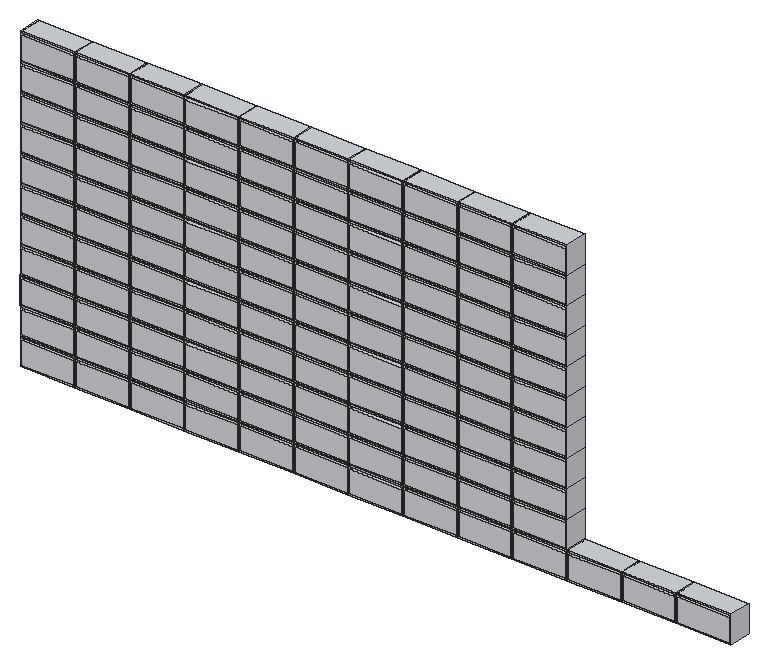
Revit family "АВЛН_Почтовые ящики", category Мебель, Revit 2019
Family settings
  Основа = Стена
  Всегда вертикально = Да
  При загрузке вырезать с полостями = Нет
  Общий = Нет
  Точка расчета площади = Нет
Parameters (values of type "Ящики почтовые")
  Ящик_ширина = 300 mm
  Ящик_глубина = 120 mm
  Ящик_высота = 150 mm  # constant formula
  Количество ячеек по длинне [instance] = 10
  Количество ячеек по высоте [instance] = 10
  Высота от уровня пола [instance] = 721.593 mm
  Второй ряд = yes
  1 Ряд_9 [instance] = yes
  1 Ряд_8 [instance] = yes
  1 Ряд_7 [instance] = yes
  1 Ряд_6 [instance] = yes
  1 Ряд_5 [instance] = yes
  1 Ряд_4 [instance] = yes
  1 Ряд_3 [instance] = yes
  1 Ряд_2 [instance] = yes
  1 Ряд_13 [instance] = yes
  1 Ряд_12 [instance] = yes
  1 Ряд_11 [instance] = yes
  1 Ряд_10 [instance] = yes
  1 Ряд_1 [instance] = yes
Reference planes
  plane 1 "Стена": y = 0
  plane 2 "По центру (Влево/Вправо)": x = 125
  plane 3 "Сзади": y = 75
  plane 4: z = 871.593
  plane 5: x = 725
  plane 6: x = 1025
  plane 7: x = 1325
  plane 8: x = 1625
  plane 9: x = 1925
  plane 10: x = 2225
  plane 11: x = 2525
  plane 12: x = 2825
  plane 13: x = 3125
  plane 14: x = 3425
  plane 15: x = 3725
  plane 16: z = 1021.593
  plane 17: z = 721.593
  plane 18: x = 425
Text (mm)
  text "Сторона размещения" at (-1848.837, 1116.779, 0), in view "Опорный уровень"
  text "Сторона размещения" at (0, 1409.804, 2854.306), in view "Слева"
  text "Сторона размещения" at (0, 499.811, 2980.732), in view "Справа"
Dimensions and locks
  locked: plane 3 "Сзади" to host wall
  "Ящик_ширина": plane 5 to plane 6
  "Ящик_ширина": plane 6 to plane 7
  "Ящик_ширина": plane 7 to plane 8
  "Ящик_ширина": plane 8 to plane 9
  "Ящик_ширина": plane 9 to plane 10
  "Ящик_ширина": plane 10 to plane 11
  "Ящик_ширина": plane 11 to plane 12
  "Ящик_ширина": plane 12 to plane 13
  "Ящик_ширина": plane 13 to plane 14
  "Ящик_ширина": plane 14 to plane 15
  "Ящик_высота": plane 4 to plane 16
  "Ящик_высота": plane 17 to plane 4
  "Высота от уровня пола": level to plane 17
  equal spacing: group 2, group 3, group 17, group 18, group 19, group 20, group 21, group 22, group 23, group 24  (x3)
  equal spacing: group 6, group 7, group 9, group 10, group 11, group 12, group 13, group 14, group 15, group 16  (x3)
  equal spacing: group 4, group 8, group 27, group 38, group 49, group 60, group 71, group 82, group 93, group 104  (x3)
  "Ящик_ширина": plane 18 to plane 5
  "Ящик_ширина": plane 18 to plane 2 "По центру (Влево/Вправо)"
  equal spacing: group 25, group 26, group 28, group 29, group 30, group 31, group 32, group 33, group 34, group 35  (x3)
  equal spacing: group 36, group 37, group 39, group 40, group 41, group 42, group 43, group 44, group 45, group 46  (x3)
  equal spacing: group 47, group 48, group 50, group 51, group 52, group 53, group 54, group 55, group 56, group 57  (x3)
  equal spacing: group 58, group 59, group 61, group 62, group 63, group 64, group 65, group 66, group 67, group 68  (x3)
  equal spacing: group 69, group 70, group 72, group 73, group 74, group 75, group 76, group 77, group 78, group 79  (x3)
  equal spacing: group 80, group 81, group 83, group 84, group 85, group 86, group 87, group 88, group 89, group 90  (x3)
  equal spacing: group 91, group 92, group 94, group 95, group 96, group 97, group 98, group 99, group 100, group 101  (x3)
  equal spacing: group 102, group 103, group 105, group 106, group 107, group 108, group 109, group 110, group 111, group 112  (x3)
  aligned and locked: plane 1 "Стена" to host wall
  aligned and locked: plane 2 "По центру (Влево/Вправо)" to nested 1
  aligned and locked: plane 2 "По центру (Влево/Вправо)" to nested 2
  aligned and locked: plane 17 to nested 2
  aligned and locked: plane 17 to nested 3
  aligned and locked: nested 4 to plane 5
  aligned and locked: plane 17 to nested 4
  aligned and locked: plane 17 to nested 5
  aligned and locked: nested 5 to plane 6
  aligned and locked: plane 17 to nested 6
  aligned and locked: nested 6 to plane 7
  aligned and locked: nested 7 to plane 8
  aligned and locked: plane 17 to nested 7
  aligned and locked: nested 8 to plane 9
  aligned and locked: plane 17 to nested 8
  aligned and locked: nested 9 to plane 10
  aligned and locked: plane 17 to nested 9
  aligned and locked: nested 10 to plane 11
  aligned and locked: plane 17 to nested 10
  aligned and locked: nested 11 to plane 12
  aligned and locked: plane 17 to nested 11
  aligned and locked: nested 12 to plane 13
  aligned and locked: plane 17 to nested 12
  aligned and locked: nested 13 to plane 14
  aligned and locked: plane 17 to nested 13
  aligned and locked: plane 17 to nested 14
  aligned and locked: nested 14 to plane 15
  aligned and locked: plane 3 "Сзади" to nested 1
  aligned and locked: plane 3 "Сзади" to nested 9  (x2)
  aligned and locked: plane 3 "Сзади" to nested 3
  aligned and locked: plane 3 "Сзади" to nested 2
  aligned and locked: plane 3 "Сзади" to nested 4
  aligned and locked: plane 3 "Сзади" to nested 5
  aligned and locked: plane 3 "Сзади" to nested 6
  aligned and locked: plane 3 "Сзади" to nested 7
  aligned and locked: plane 3 "Сзади" to nested 8
  aligned and locked: plane 3 "Сзади" to nested 10
  aligned and locked: plane 3 "Сзади" to nested 11
  aligned and locked: plane 3 "Сзади" to nested 12  (x3)
  aligned and locked: plane 3 "Сзади" to nested 13  (x2)
  aligned and locked: plane 3 "Сзади" to nested 14
  aligned and locked: nested 2 to plane 4
  aligned and locked: nested 1 to plane 2 "По центру (Влево/Вправо)"
  aligned and locked: nested 18 to plane 3 "Сзади"
  aligned and locked: nested 19 to plane 3 "Сзади"
  aligned and locked: nested 3 to plane 18
  aligned and locked: nested 18 to plane 18
  aligned and locked: plane 4 to nested 1
  aligned and locked: plane 4 to nested 18
Nested families
  nested 1: "АВЛН_Почтовый ящик" at (125, 75, 871.593), visible <- "Второй ряд", type "АВЛН_Почтовый ящик"
    with Ящик_Длина 300 mm, Ящик_Глубина 120 mm, Ящик_Высота 150 mm, Расстояние до ручки 150 mm
  nested 2: "АВЛН_Почтовый ящик" at (125, 75, 721.593), visible <- "1 Ряд_1", type "АВЛН_Почтовый ящик"
    with Ящик_Длина 300 mm, Ящик_Глубина 120 mm, Ящик_Высота 150 mm, Расстояние до ручки 150 mm
  nested 3: "АВЛН_Почтовый ящик" at (425, 75, 721.593), visible <- "1 Ряд_2", type "АВЛН_Почтовый ящик"
    with Ящик_Длина 300 mm, Ящик_Глубина 120 mm, Ящик_Высота 150 mm, Расстояние до ручки 150 mm
  nested 4: "АВЛН_Почтовый ящик" at (725, 75, 721.593), visible <- "1 Ряд_3", type "АВЛН_Почтовый ящик"
    with Ящик_Длина 300 mm, Ящик_Глубина 120 mm, Ящик_Высота 150 mm, Расстояние до ручки 150 mm
  nested 5: "АВЛН_Почтовый ящик" at (1025, 75, 721.593), visible <- "1 Ряд_4", type "АВЛН_Почтовый ящик"
    with Ящик_Длина 300 mm, Ящик_Глубина 120 mm, Ящик_Высота 150 mm, Расстояние до ручки 150 mm
  nested 6: "АВЛН_Почтовый ящик" at (1325, 75, 721.593), visible <- "1 Ряд_5", type "АВЛН_Почтовый ящик"
    with Ящик_Длина 300 mm, Ящик_Глубина 120 mm, Ящик_Высота 150 mm, Расстояние до ручки 150 mm
  nested 7: "АВЛН_Почтовый ящик" at (1625, 75, 721.593), visible <- "1 Ряд_6", type "АВЛН_Почтовый ящик"
    with Ящик_Длина 300 mm, Ящик_Глубина 120 mm, Ящик_Высота 150 mm, Расстояние до ручки 150 mm
  nested 8: "АВЛН_Почтовый ящик" at (1925, 75, 721.593), visible <- "1 Ряд_7", type "АВЛН_Почтовый ящик"
    with Ящик_Длина 300 mm, Ящик_Глубина 120 mm, Ящик_Высота 150 mm, Расстояние до ручки 150 mm
  nested 9: "АВЛН_Почтовый ящик" at (2225, 75, 721.593), visible <- "1 Ряд_8", type "АВЛН_Почтовый ящик"
    with Ящик_Длина 300 mm, Ящик_Глубина 120 mm, Ящик_Высота 150 mm, Расстояние до ручки 150 mm
  nested 10: "АВЛН_Почтовый ящик" at (2525, 75, 721.593), visible <- "1 Ряд_9", type "АВЛН_Почтовый ящик"
    with Ящик_Длина 300 mm, Ящик_Глубина 120 mm, Ящик_Высота 150 mm, Расстояние до ручки 150 mm
  nested 11: "АВЛН_Почтовый ящик" at (2825, 75, 721.593), visible <- "1 Ряд_10", type "АВЛН_Почтовый ящик"
    with Ящик_Длина 300 mm, Ящик_Глубина 120 mm, Ящик_Высота 150 mm, Расстояние до ручки 150 mm
  nested 12: "АВЛН_Почтовый ящик" at (3125, 75, 721.593), visible <- "1 Ряд_11", type "АВЛН_Почтовый ящик"
    with Ящик_Длина 300 mm, Ящик_Глубина 120 mm, Ящик_Высота 150 mm, Расстояние до ручки 150 mm
  nested 13: "АВЛН_Почтовый ящик" at (3425, 75, 721.593), visible <- "1 Ряд_12", type "АВЛН_Почтовый ящик"
    with Ящик_Длина 300 mm, Ящик_Глубина 120 mm, Ящик_Высота 150 mm, Расстояние до ручки 150 mm
  nested 14: "АВЛН_Почтовый ящик" at (3725, 75, 721.593), visible <- "1 Ряд_13", type "АВЛН_Почтовый ящик"
    with Ящик_Длина 300 mm, Ящик_Глубина 120 mm, Ящик_Высота 150 mm, Расстояние до ручки 150 mm
  nested 15: "АВЛН_Почтовый ящик" at (125, 75, 921.593), type "АВЛН_Почтовый ящик", not visible
    with Ящик_Длина 300 mm, Ящик_Глубина 120 mm, Ящик_Высота 150 mm, Расстояние до ручки 150 mm
  nested 16: "АВЛН_Почтовый ящик" at (125, 75, 1021.593), visible <- "Второй ряд", type "АВЛН_Почтовый ящик"
    with Ящик_Длина 300 mm, Ящик_Глубина 120 mm, Ящик_Высота 150 mm, Расстояние до ручки 150 mm
  nested 17: "АВЛН_Почтовый ящик" at (125, 75, 921.593), visible <- "Второй ряд", type "АВЛН_Почтовый ящик", not visible
    with Ящик_Длина 300 mm, Ящик_Глубина 120 mm, Ящик_Высота 150 mm, Расстояние до ручки 150 mm
  nested 18: "АВЛН_Почтовый ящик" at (425, 75, 871.593), visible <- "Второй ряд", type "АВЛН_Почтовый ящик"
    with Ящик_Длина 300 mm, Ящик_Глубина 120 mm, Ящик_Высота 150 mm, Расстояние до ручки 150 mm
  nested 19: "АВЛН_Почтовый ящик" at (425, 75, 1021.593), visible <- "Второй ряд", type "АВЛН_Почтовый ящик"
    with Ящик_Длина 300 mm, Ящик_Глубина 120 mm, Ящик_Высота 150 mm, Расстояние до ручки 150 mm
  nested 20: "АВЛН_Почтовый ящик" at (425, 75, 1171.593), visible <- "Второй ряд", type "АВЛН_Почтовый ящик"
    with Ящик_Длина 300 mm, Ящик_Глубина 120 mm, Ящик_Высота 150 mm, Расстояние до ручки 150 mm
  nested 21: "АВЛН_Почтовый ящик" at (425, 75, 1321.593), visible <- "Второй ряд", type "АВЛН_Почтовый ящик"
    with Ящик_Длина 300 mm, Ящик_Глубина 120 mm, Ящик_Высота 150 mm, Расстояние до ручки 150 mm
  nested 22: "АВЛН_Почтовый ящик" at (425, 75, 1471.593), visible <- "Второй ряд", type "АВЛН_Почтовый ящик"
    with Ящик_Длина 300 mm, Ящик_Глубина 120 mm, Ящик_Высота 150 mm, Расстояние до ручки 150 mm
  nested 23: "АВЛН_Почтовый ящик" at (425, 75, 1621.593), visible <- "Второй ряд", type "АВЛН_Почтовый ящик"
    with Ящик_Длина 300 mm, Ящик_Глубина 120 mm, Ящик_Высота 150 mm, Расстояние до ручки 150 mm
  nested 24: "АВЛН_Почтовый ящик" at (425, 75, 1771.593), visible <- "Второй ряд", type "АВЛН_Почтовый ящик"
    with Ящик_Длина 300 mm, Ящик_Глубина 120 mm, Ящик_Высота 150 mm, Расстояние до ручки 150 mm
  nested 25: "АВЛН_Почтовый ящик" at (425, 75, 1921.593), visible <- "Второй ряд", type "АВЛН_Почтовый ящик"
    with Ящик_Длина 300 mm, Ящик_Глубина 120 mm, Ящик_Высота 150 mm, Расстояние до ручки 150 mm
  nested 26: "АВЛН_Почтовый ящик" at (425, 75, 2071.593), visible <- "Второй ряд", type "АВЛН_Почтовый ящик"
    with Ящик_Длина 300 mm, Ящик_Глубина 120 mm, Ящик_Высота 150 mm, Расстояние до ручки 150 mm
  nested 27: "АВЛН_Почтовый ящик" at (425, 75, 2221.593), visible <- "Второй ряд", type "АВЛН_Почтовый ящик"
    with Ящик_Длина 300 mm, Ящик_Глубина 120 mm, Ящик_Высота 150 mm, Расстояние до ручки 150 mm
  nested 28: "АВЛН_Почтовый ящик" at (125, 75, 1171.593), visible <- "Второй ряд", type "АВЛН_Почтовый ящик"
    with Ящик_Длина 300 mm, Ящик_Глубина 120 mm, Ящик_Высота 150 mm, Расстояние до ручки 150 mm
  nested 29: "АВЛН_Почтовый ящик" at (125, 75, 1321.593), visible <- "Второй ряд", type "АВЛН_Почтовый ящик"
    with Ящик_Длина 300 mm, Ящик_Глубина 120 mm, Ящик_Высота 150 mm, Расстояние до ручки 150 mm
  nested 30: "АВЛН_Почтовый ящик" at (125, 75, 1471.593), visible <- "Второй ряд", type "АВЛН_Почтовый ящик"
    with Ящик_Длина 300 mm, Ящик_Глубина 120 mm, Ящик_Высота 150 mm, Расстояние до ручки 150 mm
  nested 31: "АВЛН_Почтовый ящик" at (125, 75, 1621.593), visible <- "Второй ряд", type "АВЛН_Почтовый ящик"
    with Ящик_Длина 300 mm, Ящик_Глубина 120 mm, Ящик_Высота 150 mm, Расстояние до ручки 150 mm
  nested 32: "АВЛН_Почтовый ящик" at (125, 75, 1771.593), visible <- "Второй ряд", type "АВЛН_Почтовый ящик"
    with Ящик_Длина 300 mm, Ящик_Глубина 120 mm, Ящик_Высота 150 mm, Расстояние до ручки 150 mm
  nested 33: "АВЛН_Почтовый ящик" at (125, 75, 1921.593), visible <- "Второй ряд", type "АВЛН_Почтовый ящик"
    with Ящик_Длина 300 mm, Ящик_Глубина 120 mm, Ящик_Высота 150 mm, Расстояние до ручки 150 mm
  nested 34: "АВЛН_Почтовый ящик" at (125, 75, 2071.593), visible <- "Второй ряд", type "АВЛН_Почтовый ящик"
    with Ящик_Длина 300 mm, Ящик_Глубина 120 mm, Ящик_Высота 150 mm, Расстояние до ручки 150 mm
  nested 35: "АВЛН_Почтовый ящик" at (125, 75, 2221.593), visible <- "Второй ряд", type "АВЛН_Почтовый ящик"
    with Ящик_Длина 300 mm, Ящик_Глубина 120 mm, Ящик_Высота 150 mm, Расстояние до ручки 150 mm
  nested 36: "АВЛН_Почтовый ящик" at (725, 75, 871.593), visible <- "Второй ряд", type "АВЛН_Почтовый ящик"
    with Ящик_Длина 300 mm, Ящик_Глубина 120 mm, Ящик_Высота 150 mm, Расстояние до ручки 150 mm
  nested 37: "АВЛН_Почтовый ящик" at (725, 75, 1021.593), visible <- "Второй ряд", type "АВЛН_Почтовый ящик"
    with Ящик_Длина 300 mm, Ящик_Глубина 120 mm, Ящик_Высота 150 mm, Расстояние до ручки 150 mm
  nested 38: "АВЛН_Почтовый ящик" at (725, 75, 1171.593), visible <- "Второй ряд", type "АВЛН_Почтовый ящик"
    with Ящик_Длина 300 mm, Ящик_Глубина 120 mm, Ящик_Высота 150 mm, Расстояние до ручки 150 mm
  nested 39: "АВЛН_Почтовый ящик" at (725, 75, 1321.593), visible <- "Второй ряд", type "АВЛН_Почтовый ящик"
    with Ящик_Длина 300 mm, Ящик_Глубина 120 mm, Ящик_Высота 150 mm, Расстояние до ручки 150 mm
  nested 40: "АВЛН_Почтовый ящик" at (725, 75, 1471.593), visible <- "Второй ряд", type "АВЛН_Почтовый ящик"
    with Ящик_Длина 300 mm, Ящик_Глубина 120 mm, Ящик_Высота 150 mm, Расстояние до ручки 150 mm
  nested 41: "АВЛН_Почтовый ящик" at (725, 75, 1621.593), visible <- "Второй ряд", type "АВЛН_Почтовый ящик"
    with Ящик_Длина 300 mm, Ящик_Глубина 120 mm, Ящик_Высота 150 mm, Расстояние до ручки 150 mm
  nested 42: "АВЛН_Почтовый ящик" at (725, 75, 1771.593), visible <- "Второй ряд", type "АВЛН_Почтовый ящик"
    with Ящик_Длина 300 mm, Ящик_Глубина 120 mm, Ящик_Высота 150 mm, Расстояние до ручки 150 mm
  nested 43: "АВЛН_Почтовый ящик" at (725, 75, 1921.593), visible <- "Второй ряд", type "АВЛН_Почтовый ящик"
    with Ящик_Длина 300 mm, Ящик_Глубина 120 mm, Ящик_Высота 150 mm, Расстояние до ручки 150 mm
  nested 44: "АВЛН_Почтовый ящик" at (725, 75, 2071.593), visible <- "Второй ряд", type "АВЛН_Почтовый ящик"
    with Ящик_Длина 300 mm, Ящик_Глубина 120 mm, Ящик_Высота 150 mm, Расстояние до ручки 150 mm
  nested 45: "АВЛН_Почтовый ящик" at (725, 75, 2221.593), visible <- "Второй ряд", type "АВЛН_Почтовый ящик"
    with Ящик_Длина 300 mm, Ящик_Глубина 120 mm, Ящик_Высота 150 mm, Расстояние до ручки 150 mm
  nested 46: "АВЛН_Почтовый ящик" at (1025, 75, 871.593), visible <- "Второй ряд", type "АВЛН_Почтовый ящик"
    with Ящик_Длина 300 mm, Ящик_Глубина 120 mm, Ящик_Высота 150 mm, Расстояние до ручки 150 mm
  nested 47: "АВЛН_Почтовый ящик" at (1025, 75, 1021.593), visible <- "Второй ряд", type "АВЛН_Почтовый ящик"
    with Ящик_Длина 300 mm, Ящик_Глубина 120 mm, Ящик_Высота 150 mm, Расстояние до ручки 150 mm
  nested 48: "АВЛН_Почтовый ящик" at (1025, 75, 1171.593), visible <- "Второй ряд", type "АВЛН_Почтовый ящик"
    with Ящик_Длина 300 mm, Ящик_Глубина 120 mm, Ящик_Высота 150 mm, Расстояние до ручки 150 mm
  nested 49: "АВЛН_Почтовый ящик" at (1025, 75, 1321.593), visible <- "Второй ряд", type "АВЛН_Почтовый ящик"
    with Ящик_Длина 300 mm, Ящик_Глубина 120 mm, Ящик_Высота 150 mm, Расстояние до ручки 150 mm
  nested 50: "АВЛН_Почтовый ящик" at (1025, 75, 1471.593), visible <- "Второй ряд", type "АВЛН_Почтовый ящик"
    with Ящик_Длина 300 mm, Ящик_Глубина 120 mm, Ящик_Высота 150 mm, Расстояние до ручки 150 mm
  nested 51: "АВЛН_Почтовый ящик" at (1025, 75, 1621.593), visible <- "Второй ряд", type "АВЛН_Почтовый ящик"
    with Ящик_Длина 300 mm, Ящик_Глубина 120 mm, Ящик_Высота 150 mm, Расстояние до ручки 150 mm
  nested 52: "АВЛН_Почтовый ящик" at (1025, 75, 1771.593), visible <- "Второй ряд", type "АВЛН_Почтовый ящик"
    with Ящик_Длина 300 mm, Ящик_Глубина 120 mm, Ящик_Высота 150 mm, Расстояние до ручки 150 mm
  nested 53: "АВЛН_Почтовый ящик" at (1025, 75, 1921.593), visible <- "Второй ряд", type "АВЛН_Почтовый ящик"
    with Ящик_Длина 300 mm, Ящик_Глубина 120 mm, Ящик_Высота 150 mm, Расстояние до ручки 150 mm
  nested 54: "АВЛН_Почтовый ящик" at (1025, 75, 2071.593), visible <- "Второй ряд", type "АВЛН_Почтовый ящик"
    with Ящик_Длина 300 mm, Ящик_Глубина 120 mm, Ящик_Высота 150 mm, Расстояние до ручки 150 mm
  nested 55: "АВЛН_Почтовый ящик" at (1025, 75, 2221.593), visible <- "Второй ряд", type "АВЛН_Почтовый ящик"
    with Ящик_Длина 300 mm, Ящик_Глубина 120 mm, Ящик_Высота 150 mm, Расстояние до ручки 150 mm
  nested 56: "АВЛН_Почтовый ящик" at (1325, 75, 871.593), visible <- "Второй ряд", type "АВЛН_Почтовый ящик"
    with Ящик_Длина 300 mm, Ящик_Глубина 120 mm, Ящик_Высота 150 mm, Расстояние до ручки 150 mm
  nested 57: "АВЛН_Почтовый ящик" at (1325, 75, 1021.593), visible <- "Второй ряд", type "АВЛН_Почтовый ящик"
    with Ящик_Длина 300 mm, Ящик_Глубина 120 mm, Ящик_Высота 150 mm, Расстояние до ручки 150 mm
  nested 58: "АВЛН_Почтовый ящик" at (1325, 75, 1171.593), visible <- "Второй ряд", type "АВЛН_Почтовый ящик"
    with Ящик_Длина 300 mm, Ящик_Глубина 120 mm, Ящик_Высота 150 mm, Расстояние до ручки 150 mm
  nested 59: "АВЛН_Почтовый ящик" at (1325, 75, 1321.593), visible <- "Второй ряд", type "АВЛН_Почтовый ящик"
    with Ящик_Длина 300 mm, Ящик_Глубина 120 mm, Ящик_Высота 150 mm, Расстояние до ручки 150 mm
  nested 60: "АВЛН_Почтовый ящик" at (1325, 75, 1471.593), visible <- "Второй ряд", type "АВЛН_Почтовый ящик"
    with Ящик_Длина 300 mm, Ящик_Глубина 120 mm, Ящик_Высота 150 mm, Расстояние до ручки 150 mm
  nested 61: "АВЛН_Почтовый ящик" at (1325, 75, 1621.593), visible <- "Второй ряд", type "АВЛН_Почтовый ящик"
    with Ящик_Длина 300 mm, Ящик_Глубина 120 mm, Ящик_Высота 150 mm, Расстояние до ручки 150 mm
  nested 62: "АВЛН_Почтовый ящик" at (1325, 75, 1771.593), visible <- "Второй ряд", type "АВЛН_Почтовый ящик"
    with Ящик_Длина 300 mm, Ящик_Глубина 120 mm, Ящик_Высота 150 mm, Расстояние до ручки 150 mm
  nested 63: "АВЛН_Почтовый ящик" at (1325, 75, 1921.593), visible <- "Второй ряд", type "АВЛН_Почтовый ящик"
    with Ящик_Длина 300 mm, Ящик_Глубина 120 mm, Ящик_Высота 150 mm, Расстояние до ручки 150 mm
  nested 64: "АВЛН_Почтовый ящик" at (1325, 75, 2071.593), visible <- "Второй ряд", type "АВЛН_Почтовый ящик"
    with Ящик_Длина 300 mm, Ящик_Глубина 120 mm, Ящик_Высота 150 mm, Расстояние до ручки 150 mm
  nested 65: "АВЛН_Почтовый ящик" at (1325, 75, 2221.593), visible <- "Второй ряд", type "АВЛН_Почтовый ящик"
    with Ящик_Длина 300 mm, Ящик_Глубина 120 mm, Ящик_Высота 150 mm, Расстояние до ручки 150 mm
  nested 66: "АВЛН_Почтовый ящик" at (1625, 75, 871.593), visible <- "Второй ряд", type "АВЛН_Почтовый ящик"
    with Ящик_Длина 300 mm, Ящик_Глубина 120 mm, Ящик_Высота 150 mm, Расстояние до ручки 150 mm
  nested 67: "АВЛН_Почтовый ящик" at (1625, 75, 1021.593), visible <- "Второй ряд", type "АВЛН_Почтовый ящик"
    with Ящик_Длина 300 mm, Ящик_Глубина 120 mm, Ящик_Высота 150 mm, Расстояние до ручки 150 mm
  nested 68: "АВЛН_Почтовый ящик" at (1625, 75, 1171.593), visible <- "Второй ряд", type "АВЛН_Почтовый ящик"
    with Ящик_Длина 300 mm, Ящик_Глубина 120 mm, Ящик_Высота 150 mm, Расстояние до ручки 150 mm
  nested 69: "АВЛН_Почтовый ящик" at (1625, 75, 1321.593), visible <- "Второй ряд", type "АВЛН_Почтовый ящик"
    with Ящик_Длина 300 mm, Ящик_Глубина 120 mm, Ящик_Высота 150 mm, Расстояние до ручки 150 mm
  nested 70: "АВЛН_Почтовый ящик" at (1625, 75, 1471.593), visible <- "Второй ряд", type "АВЛН_Почтовый ящик"
    with Ящик_Длина 300 mm, Ящик_Глубина 120 mm, Ящик_Высота 150 mm, Расстояние до ручки 150 mm
  nested 71: "АВЛН_Почтовый ящик" at (1625, 75, 1621.593), visible <- "Второй ряд", type "АВЛН_Почтовый ящик"
    with Ящик_Длина 300 mm, Ящик_Глубина 120 mm, Ящик_Высота 150 mm, Расстояние до ручки 150 mm
  nested 72: "АВЛН_Почтовый ящик" at (1625, 75, 1771.593), visible <- "Второй ряд", type "АВЛН_Почтовый ящик"
    with Ящик_Длина 300 mm, Ящик_Глубина 120 mm, Ящик_Высота 150 mm, Расстояние до ручки 150 mm
  nested 73: "АВЛН_Почтовый ящик" at (1625, 75, 1921.593), visible <- "Второй ряд", type "АВЛН_Почтовый ящик"
    with Ящик_Длина 300 mm, Ящик_Глубина 120 mm, Ящик_Высота 150 mm, Расстояние до ручки 150 mm
  nested 74: "АВЛН_Почтовый ящик" at (1625, 75, 2071.593), visible <- "Второй ряд", type "АВЛН_Почтовый ящик"
    with Ящик_Длина 300 mm, Ящик_Глубина 120 mm, Ящик_Высота 150 mm, Расстояние до ручки 150 mm
  nested 75: "АВЛН_Почтовый ящик" at (1625, 75, 2221.593), visible <- "Второй ряд", type "АВЛН_Почтовый ящик"
    with Ящик_Длина 300 mm, Ящик_Глубина 120 mm, Ящик_Высота 150 mm, Расстояние до ручки 150 mm
  nested 76: "АВЛН_Почтовый ящик" at (1925, 75, 871.593), visible <- "Второй ряд", type "АВЛН_Почтовый ящик"
    with Ящик_Длина 300 mm, Ящик_Глубина 120 mm, Ящик_Высота 150 mm, Расстояние до ручки 150 mm
  nested 77: "АВЛН_Почтовый ящик" at (1925, 75, 1021.593), visible <- "Второй ряд", type "АВЛН_Почтовый ящик"
    with Ящик_Длина 300 mm, Ящик_Глубина 120 mm, Ящик_Высота 150 mm, Расстояние до ручки 150 mm
  nested 78: "АВЛН_Почтовый ящик" at (1925, 75, 1171.593), visible <- "Второй ряд", type "АВЛН_Почтовый ящик"
    with Ящик_Длина 300 mm, Ящик_Глубина 120 mm, Ящик_Высота 150 mm, Расстояние до ручки 150 mm
  nested 79: "АВЛН_Почтовый ящик" at (1925, 75, 1321.593), visible <- "Второй ряд", type "АВЛН_Почтовый ящик"
    with Ящик_Длина 300 mm, Ящик_Глубина 120 mm, Ящик_Высота 150 mm, Расстояние до ручки 150 mm
  nested 80: "АВЛН_Почтовый ящик" at (1925, 75, 1471.593), visible <- "Второй ряд", type "АВЛН_Почтовый ящик"
    with Ящик_Длина 300 mm, Ящик_Глубина 120 mm, Ящик_Высота 150 mm, Расстояние до ручки 150 mm
  nested 81: "АВЛН_Почтовый ящик" at (1925, 75, 1621.593), visible <- "Второй ряд", type "АВЛН_Почтовый ящик"
    with Ящик_Длина 300 mm, Ящик_Глубина 120 mm, Ящик_Высота 150 mm, Расстояние до ручки 150 mm
  nested 82: "АВЛН_Почтовый ящик" at (1925, 75, 1771.593), visible <- "Второй ряд", type "АВЛН_Почтовый ящик"
    with Ящик_Длина 300 mm, Ящик_Глубина 120 mm, Ящик_Высота 150 mm, Расстояние до ручки 150 mm
  nested 83: "АВЛН_Почтовый ящик" at (1925, 75, 1921.593), visible <- "Второй ряд", type "АВЛН_Почтовый ящик"
    with Ящик_Длина 300 mm, Ящик_Глубина 120 mm, Ящик_Высота 150 mm, Расстояние до ручки 150 mm
  nested 84: "АВЛН_Почтовый ящик" at (1925, 75, 2071.593), visible <- "Второй ряд", type "АВЛН_Почтовый ящик"
    with Ящик_Длина 300 mm, Ящик_Глубина 120 mm, Ящик_Высота 150 mm, Расстояние до ручки 150 mm
  nested 85: "АВЛН_Почтовый ящик" at (1925, 75, 2221.593), visible <- "Второй ряд", type "АВЛН_Почтовый ящик"
    with Ящик_Длина 300 mm, Ящик_Глубина 120 mm, Ящик_Высота 150 mm, Расстояние до ручки 150 mm
  nested 86: "АВЛН_Почтовый ящик" at (2225, 75, 871.593), visible <- "Второй ряд", type "АВЛН_Почтовый ящик"
    with Ящик_Длина 300 mm, Ящик_Глубина 120 mm, Ящик_Высота 150 mm, Расстояние до ручки 150 mm
  nested 87: "АВЛН_Почтовый ящик" at (2225, 75, 1021.593), visible <- "Второй ряд", type "АВЛН_Почтовый ящик"
    with Ящик_Длина 300 mm, Ящик_Глубина 120 mm, Ящик_Высота 150 mm, Расстояние до ручки 150 mm
  nested 88: "АВЛН_Почтовый ящик" at (2225, 75, 1171.593), visible <- "Второй ряд", type "АВЛН_Почтовый ящик"
    with Ящик_Длина 300 mm, Ящик_Глубина 120 mm, Ящик_Высота 150 mm, Расстояние до ручки 150 mm
  nested 89: "АВЛН_Почтовый ящик" at (2225, 75, 1321.593), visible <- "Второй ряд", type "АВЛН_Почтовый ящик"
    with Ящик_Длина 300 mm, Ящик_Глубина 120 mm, Ящик_Высота 150 mm, Расстояние до ручки 150 mm
  nested 90: "АВЛН_Почтовый ящик" at (2225, 75, 1471.593), visible <- "Второй ряд", type "АВЛН_Почтовый ящик"
    with Ящик_Длина 300 mm, Ящик_Глубина 120 mm, Ящик_Высота 150 mm, Расстояние до ручки 150 mm
  nested 91: "АВЛН_Почтовый ящик" at (2225, 75, 1621.593), visible <- "Второй ряд", type "АВЛН_Почтовый ящик"
    with Ящик_Длина 300 mm, Ящик_Глубина 120 mm, Ящик_Высота 150 mm, Расстояние до ручки 150 mm
  nested 92: "АВЛН_Почтовый ящик" at (2225, 75, 1771.593), visible <- "Второй ряд", type "АВЛН_Почтовый ящик"
    with Ящик_Длина 300 mm, Ящик_Глубина 120 mm, Ящик_Высота 150 mm, Расстояние до ручки 150 mm
  nested 93: "АВЛН_Почтовый ящик" at (2225, 75, 1921.593), visible <- "Второй ряд", type "АВЛН_Почтовый ящик"
    with Ящик_Длина 300 mm, Ящик_Глубина 120 mm, Ящик_Высота 150 mm, Расстояние до ручки 150 mm
  nested 94: "АВЛН_Почтовый ящик" at (2225, 75, 2071.593), visible <- "Второй ряд", type "АВЛН_Почтовый ящик"
    with Ящик_Длина 300 mm, Ящик_Глубина 120 mm, Ящик_Высота 150 mm, Расстояние до ручки 150 mm
  nested 95: "АВЛН_Почтовый ящик" at (2225, 75, 2221.593), visible <- "Второй ряд", type "АВЛН_Почтовый ящик"
    with Ящик_Длина 300 mm, Ящик_Глубина 120 mm, Ящик_Высота 150 mm, Расстояние до ручки 150 mm
  nested 96: "АВЛН_Почтовый ящик" at (2525, 75, 871.593), visible <- "Второй ряд", type "АВЛН_Почтовый ящик"
    with Ящик_Длина 300 mm, Ящик_Глубина 120 mm, Ящик_Высота 150 mm, Расстояние до ручки 150 mm
  nested 97: "АВЛН_Почтовый ящик" at (2525, 75, 1021.593), visible <- "Второй ряд", type "АВЛН_Почтовый ящик"
    with Ящик_Длина 300 mm, Ящик_Глубина 120 mm, Ящик_Высота 150 mm, Расстояние до ручки 150 mm
  nested 98: "АВЛН_Почтовый ящик" at (2525, 75, 1171.593), visible <- "Второй ряд", type "АВЛН_Почтовый ящик"
    with Ящик_Длина 300 mm, Ящик_Глубина 120 mm, Ящик_Высота 150 mm, Расстояние до ручки 150 mm
  nested 99: "АВЛН_Почтовый ящик" at (2525, 75, 1321.593), visible <- "Второй ряд", type "АВЛН_Почтовый ящик"
    with Ящик_Длина 300 mm, Ящик_Глубина 120 mm, Ящик_Высота 150 mm, Расстояние до ручки 150 mm
  nested 100: "АВЛН_Почтовый ящик" at (2525, 75, 1471.593), visible <- "Второй ряд", type "АВЛН_Почтовый ящик"
    with Ящик_Длина 300 mm, Ящик_Глубина 120 mm, Ящик_Высота 150 mm, Расстояние до ручки 150 mm
  nested 101: "АВЛН_Почтовый ящик" at (2525, 75, 1621.593), visible <- "Второй ряд", type "АВЛН_Почтовый ящик"
    with Ящик_Длина 300 mm, Ящик_Глубина 120 mm, Ящик_Высота 150 mm, Расстояние до ручки 150 mm
  nested 102: "АВЛН_Почтовый ящик" at (2525, 75, 1771.593), visible <- "Второй ряд", type "АВЛН_Почтовый ящик"
    with Ящик_Длина 300 mm, Ящик_Глубина 120 mm, Ящик_Высота 150 mm, Расстояние до ручки 150 mm
  nested 103: "АВЛН_Почтовый ящик" at (2525, 75, 1921.593), visible <- "Второй ряд", type "АВЛН_Почтовый ящик"
    with Ящик_Длина 300 mm, Ящик_Глубина 120 mm, Ящик_Высота 150 mm, Расстояние до ручки 150 mm
  nested 104: "АВЛН_Почтовый ящик" at (2525, 75, 2071.593), visible <- "Второй ряд", type "АВЛН_Почтовый ящик"
    with Ящик_Длина 300 mm, Ящик_Глубина 120 mm, Ящик_Высота 150 mm, Расстояние до ручки 150 mm
  nested 105: "АВЛН_Почтовый ящик" at (2525, 75, 2221.593), visible <- "Второй ряд", type "АВЛН_Почтовый ящик"
    with Ящик_Длина 300 mm, Ящик_Глубина 120 mm, Ящик_Высота 150 mm, Расстояние до ручки 150 mm
  nested 106: "АВЛН_Почтовый ящик" at (2825, 75, 871.593), visible <- "Второй ряд", type "АВЛН_Почтовый ящик"
    with Ящик_Длина 300 mm, Ящик_Глубина 120 mm, Ящик_Высота 150 mm, Расстояние до ручки 150 mm
  nested 107: "АВЛН_Почтовый ящик" at (2825, 75, 1021.593), visible <- "Второй ряд", type "АВЛН_Почтовый ящик"
    with Ящик_Длина 300 mm, Ящик_Глубина 120 mm, Ящик_Высота 150 mm, Расстояние до ручки 150 mm
  nested 108: "АВЛН_Почтовый ящик" at (2825, 75, 1171.593), visible <- "Второй ряд", type "АВЛН_Почтовый ящик"
    with Ящик_Длина 300 mm, Ящик_Глубина 120 mm, Ящик_Высота 150 mm, Расстояние до ручки 150 mm
  nested 109: "АВЛН_Почтовый ящик" at (2825, 75, 1321.593), visible <- "Второй ряд", type "АВЛН_Почтовый ящик"
    with Ящик_Длина 300 mm, Ящик_Глубина 120 mm, Ящик_Высота 150 mm, Расстояние до ручки 150 mm
  nested 110: "АВЛН_Почтовый ящик" at (2825, 75, 1471.593), visible <- "Второй ряд", type "АВЛН_Почтовый ящик"
    with Ящик_Длина 300 mm, Ящик_Глубина 120 mm, Ящик_Высота 150 mm, Расстояние до ручки 150 mm
  nested 111: "АВЛН_Почтовый ящик" at (2825, 75, 1621.593), visible <- "Второй ряд", type "АВЛН_Почтовый ящик"
    with Ящик_Длина 300 mm, Ящик_Глубина 120 mm, Ящик_Высота 150 mm, Расстояние до ручки 150 mm
  nested 112: "АВЛН_Почтовый ящик" at (2825, 75, 1771.593), visible <- "Второй ряд", type "АВЛН_Почтовый ящик"
    with Ящик_Длина 300 mm, Ящик_Глубина 120 mm, Ящик_Высота 150 mm, Расстояние до ручки 150 mm
  nested 113: "АВЛН_Почтовый ящик" at (2825, 75, 1921.593), visible <- "Второй ряд", type "АВЛН_Почтовый ящик"
    with Ящик_Длина 300 mm, Ящик_Глубина 120 mm, Ящик_Высота 150 mm, Расстояние до ручки 150 mm
  nested 114: "АВЛН_Почтовый ящик" at (2825, 75, 2071.593), visible <- "Второй ряд", type "АВЛН_Почтовый ящик"
    with Ящик_Длина 300 mm, Ящик_Глубина 120 mm, Ящик_Высота 150 mm, Расстояние до ручки 150 mm
  nested 115: "АВЛН_Почтовый ящик" at (2825, 75, 2221.593), visible <- "Второй ряд", type "АВЛН_Почтовый ящик"
    with Ящик_Длина 300 mm, Ящик_Глубина 120 mm, Ящик_Высота 150 mm, Расстояние до ручки 150 mm
Definition of nested family "АВЛН_Почтовый ящик"
  Parameters (values of type "АВЛН_Почтовый ящик")
    Ящик_Длина = 400 mm
    Ящик_Глубина = 200 mm
    Ящик_Высота = 500 mm
    Расстояние до ручки = Ящик_Длина / 2  # 200 mm
  Reference planes
    plane 1 "По центру (Вперед/Назад)": y = 0
    plane 2: z = 0
    plane 3 "По центру (Влево/Вправо)": x = 0
    plane 4: x = 400
    plane 5: z = 500
    plane 6 "По центру Л/Р": y = 200
    plane 7 "По центру Л/С": x = 200
  Forms (mm)
    Extrusion 1, solid
      sketch origin (0, 0, 0) x (1, 0, 0) y (0, 0, 1)
        loop
          line (0, 500) -> (0, 0) -> (400, 0) -> (400, 500) -> (0, 500)
        loop
          line (395, 495) -> (5, 495) -> (5, 5) -> (395, 5) -> (395, 495)
      from 0 to -200
    Extrusion 2, solid
      sketch origin (0, 0, 0) x (1, 0, 0) y (0, 0, 1)
        loop
          line (395, 5) -> (395, 480) -> (5, 480) -> (5, 5) -> (395, 5)
      from 0 to -200
    Extrusion 3, solid
      sketch origin (970.508, 200, -665.118) x (0, 0, -1) y (-1, 0, 0)
        loop
          circle (-695.118, 770.508) r 10
      from 0 to 10
  Lines and regions (mm)
    model lines
      curve 1: line (395, 200, 5) -> (200, 200, 480)
      curve 2: line (200, 200, 480) -> (5, 200, 5)
  Dimensions and locks
    locked: Extrusion 1 sketch curve to Extrusion 1 sketch curve at 5  (x4)
    "Ящик_Длина": plane 4 to plane 3 "По центру (Влево/Вправо)"
    "Ящик_Высота": plane 2 to plane 5
    "Ящик_Глубина": plane 1 "По центру (Вперед/Назад)" to plane 6 "По центру Л/Р"
    locked: Extrusion 2 sketch curve to plane 5 at 20
    locked: plane 6 "По центру Л/Р" to Extrusion 3 at 10
    locked: level to Extrusion 3 at 20
    equal spacing: plane 3 "По центру (Влево/Вправо)", plane 7 "По центру Л/С", plane 4
    locked: Extrusion 3 sketch curve to plane 7 "По центру Л/С"
    aligned and locked: level to plane 2
    aligned and locked: Extrusion 1 sketch curve to plane 5
    aligned and locked: plane 3 "По центру (Влево/Вправо)" to Extrusion 1 sketch curve
    aligned and locked: level to Extrusion 1 sketch curve
    aligned and locked: Extrusion 1 sketch curve to plane 4
    aligned and locked: Extrusion 1 to plane 6 "По центру Л/Р"
    aligned and locked: Extrusion 2 sketch curve to Extrusion 1  (x3)
    aligned and locked: plane 1 "По центру (Вперед/Назад)" to Extrusion 2
    aligned and locked: Extrusion 2 to plane 6 "По центру Л/Р"
    aligned and locked: Extrusion 1 to curve 2
    aligned and locked: curve 1 to Extrusion 1
    aligned and locked: curve 2 to Extrusion 2
    aligned and locked: plane 7 "По центру Л/С" to curve 2
  Automatic sketch dimensions
    Extrusion 3 sketch curve to Extrusion 2 = 25 mm
    curve 2 to Extrusion 2 = 0 mm
    curve 1 to Extrusion 2 = 0 mm
    radius of Extrusion 3 sketch curve = 10 mm
